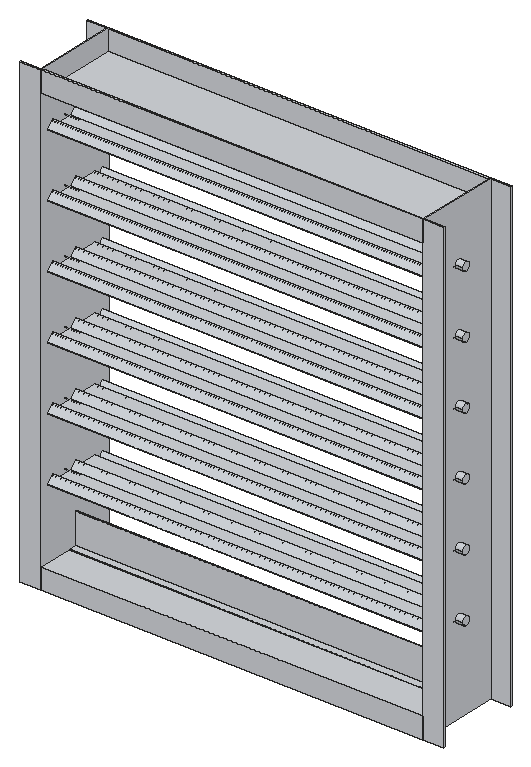
Revit family "H-620,621", category Mechanical Equipment, Revit 2015
Parameters
  URL = "http://unitedenertech.com/catalog/pdf/C_5,%206,%207,%208%20H-620.pdf"
  Type Comments = "Max. Single Section Size is (60\"w x 96\"h)"
  Model = "H-620, H-621"
  Manufacturer = "United Enertech Corporation"
  Keynote = "This model is only a representation of the product, blade position will vary from built dampers"
  Exact Width = 3' - 0"
  Exact Height = 3' - 4"
  Description = "Industrial 3V Blade Control Damper"
  Blade Spacing = 0' - 6"
  Blade Number [instance] = rounddown((Exact Height - 0' 1") / Blade Spacing)  # 6
  BW [instance] = Exact Width - 0' 0 3/16"  # 2' - 11 13/16"
Reference planes (in)
  plane 1 "Center (Front/Back)": y = 0
  plane 2: z = 0
  plane 3 "Center (Left/Right)": x = 0
  plane 4: x = -18
  plane 5: x = 18
  plane 6: x = -20
  plane 7: x = 20
  plane 8: z = 40
  plane 9: z = 42
  plane 10: z = -2
  plane 11: y = 8
  plane 12: z = 3.49636
  plane 13: z = 36.71925
Forms (in)
  Extrusion 1, solid
    sketch origin (0, 0, 0) x (0, 1, 0) y (0, 0, 1)
      loop
        line (8, -2) -> (8, 0) -> (0, 0) -> (0, -2) -> (0.1345, -2) -> (0.1345, -0.1345) -> (7.8655, -0.1345) -> (7.8655, -2) -> (8, -2)
    from -18 to 18
  Extrusion 2, solid
    sketch origin (0, 0, 0) x (0, 1, 0) y (0, 0, 1)
      loop
        line (8, 42) -> (7.8655, 42) -> (7.8655, 40.1345) -> (0.1345, 40.1345) -> (0.1345, 42) -> (0, 42) -> (0, 40) -> (8, 40) -> (8, 42)
    from -18 to 18
  Extrusion 3, solid
    sketch origin (0, 0, 0) x (1, 0, 0) y (0, 1, 0)
      loop
        line (-20, 0) -> (-18, 0) -> (-18, 8) -> (-20, 8) -> (-20, 7.8655) -> (-18.1345, 7.8655) -> (-18.1345, 0.1345) -> (-20, 0.1345) -> (-20, 0)
    from -2 to 42
  Extrusion 4, solid
    sketch origin (0, 0, 0) x (1, 0, 0) y (0, 1, 0)
      loop
        line (20, 8) -> (18, 8) -> (18, 0) -> (20, 0) -> (20, 0.1345) -> (18.1345, 0.1345) -> (18.1345, 7.8655) -> (20, 7.8655) -> (20, 8)
    from -2 to 42
  Extrusion 5, solid
    sketch origin (0, 0, 0) x (0, 1, 0) y (0, 0, 1)
      loop
        line (4, 40) -> (4, 39.5) -> (4.0478, 39.5) -> (4.0478, 39.9522) -> (4.75, 39.9522) -> (4.75, 40) -> (4, 40)
    from -18 to 18
  Extrusion 6, solid
    sketch origin (0, 0, 0) x (0, 1, 0) y (0, 0, 1)
      loop
        line (4, 0) -> (4, 3) -> (3.9522, 3) -> (3.9522, 0.0478) -> (3.25, 0.0478) -> (3.25, 0) -> (4, 0)
    from -18 to 18
Dimensions and locks (in)
  equal spacing: plane 4, plane 3 "Center (Left/Right)", plane 5
  "Exact Width": plane 4 to plane 5
  locked: plane 6 to plane 4 at 2
  locked: plane 5 to plane 7 at 2
  "Exact Height": plane 8 to level
  locked: level to plane 10 at 2
  locked: plane 9 to plane 8 at 2
  locked: plane 9 to plane 13 at 5.28075
  equal spacing: group 1, group 2, group 3, group 4, group 5, group 6  (x2)
  equal spacing: group 6, group 5, group 4, group 3, group 2, group 1
  "Blade Spacing": nested 1 to nested 2
  aligned and locked: level to plane 2
  aligned and locked: plane 4 to Extrusion 1
  aligned and locked: plane 5 to Extrusion 1
  aligned and locked: plane 4 to Extrusion 2
  aligned and locked: plane 5 to Extrusion 2
  aligned and locked: Extrusion 3 to plane 10
  aligned and locked: plane 9 to Extrusion 3
  aligned and locked: Extrusion 4 to plane 10
  aligned and locked: plane 9 to Extrusion 4
  aligned and locked: plane 4 to Extrusion 5
  aligned and locked: plane 5 to Extrusion 5
  aligned and locked: plane 3 "Center (Left/Right)" to nested 1
  aligned and locked: plane 13 to nested 1
  aligned and locked: plane 4 to Extrusion 6
  aligned and locked: plane 5 to Extrusion 6
Automatic sketch dimensions
  Extrusion 1 sketch curve to plane 1 "Center (Front/Back)" = 0' - 0"
  Extrusion 1 sketch curve to plane 10 = 0' - 0"  (x2)
  Extrusion 1 sketch curve to level = 0' - 0"
  Extrusion 1 sketch curve to plane 11 = 0' - 0"
  Extrusion 1 sketch curve to plane 1 "Center (Front/Back)" = 0' - 0.1345"
  Extrusion 1 sketch curve to plane 11 = 0' - 0.1345"
  Extrusion 1 sketch curve to level = 0' - 0.1345"
  Extrusion 2 sketch curve to plane 1 "Center (Front/Back)" = 0' - 0"
  Extrusion 2 sketch curve to plane 9 = 0' - 0"  (x2)
  Extrusion 2 sketch curve to plane 11 = 0' - 0"
  Extrusion 2 sketch curve to plane 8 = 0' - 0"
  Extrusion 2 sketch curve to plane 1 "Center (Front/Back)" = 0' - 0.1345"
  Extrusion 2 sketch curve to plane 11 = 0' - 0.1345"
  plane 8 to Extrusion 2 sketch curve = 0' - 0.1345"
  plane 1 "Center (Front/Back)" to Extrusion 3 sketch curve = 0' - 0"
  Extrusion 3 sketch curve to plane 6 = 0' - 0"  (x2)
  Extrusion 3 sketch curve to plane 4 = 0' - 0"
  Extrusion 3 sketch curve to plane 11 = 0' - 0"
  plane 4 to Extrusion 3 sketch curve = 0' - 0.1345"
  Extrusion 3 sketch curve to plane 1 "Center (Front/Back)" = 0' - 0.1345"
  Extrusion 3 sketch curve to plane 11 = 0' - 0.1345"
  Extrusion 4 sketch curve to plane 5 = 0' - 0"
  plane 1 "Center (Front/Back)" to Extrusion 4 sketch curve = 0' - 0"
  Extrusion 4 sketch curve to plane 7 = 0' - 0"  (x2)
  Extrusion 4 sketch curve to plane 11 = 0' - 0"
  plane 5 to Extrusion 4 sketch curve = 0' - 0.1345"
  Extrusion 4 sketch curve to plane 1 "Center (Front/Back)" = 0' - 0.1345"
  Extrusion 4 sketch curve to plane 11 = 0' - 0.1345"
  Extrusion 5 sketch curve to plane 8 = 0' - 0"
  Extrusion 5 sketch curve to plane 8 = 0' - 0 1/2"
  Extrusion 5 sketch curve to plane 1 "Center (Front/Back)" = 0' - 4"
  Extrusion 5 sketch curve to Extrusion 5 sketch curve = 0' - 0.0478"
  Extrusion 5 sketch curve to plane 8 = 0' - 0.0478"
  Extrusion 5 sketch curve to Extrusion 5 sketch curve = 0' - 0.7022"
  Extrusion 6 sketch curve to level = 0' - 0"
  level to Extrusion 6 sketch curve = 0' - 0.0478"
  Extrusion 6 sketch curve to plane 1 "Center (Front/Back)" = 0' - 3 1/4"
  Extrusion 6 sketch curve to plane 12 = 0' - 0.49636"
  Extrusion 6 sketch curve to Extrusion 6 sketch curve = 0' - 0 3/4"
  Extrusion 6 sketch curve to Extrusion 6 sketch curve = 0' - 0.0478"
Nested families (in)
  nested 1: "H620BLADE" at (0, 4.07813, 36.11813), type "H620BLADE"
    with Blade Width 2' - 11 13/16"
  nested 2: "H620BLADE" at (0, 4.07813, 30.11813), type "H620BLADE"
    with Blade Width 2' - 11 13/16"
  nested 3: "H620BLADE" at (0, 4.07813, 24.11813), type "H620BLADE"
    with Blade Width 2' - 11 13/16"
  nested 4: "H620BLADE" at (0, 4.07813, 18.11813), type "H620BLADE"
    with Blade Width 2' - 11 13/16"
  nested 5: "H620BLADE" at (0, 4.07813, 12.11813), type "H620BLADE"
    with Blade Width 2' - 11 13/16"
  nested 6: "H620BLADE" at (0, 4.07813, 6.11813), type "H620BLADE"
    with Blade Width 2' - 11 13/16"
Definition of nested family "H620BLADE"
  Parameters (values of type "H620BLADE")
    Blade Width = 2' - 0"
  Reference planes (in)
    plane 1 "Center (Front/Back)": y = 0
    plane 2: z = 0
    plane 3 "Center (Left/Right)": x = 0
    plane 4: x = -12
    plane 5: x = 12
    plane 6: x = 13
    plane 7: x = -13
    plane 8: x = -10
    plane 9: x = 10
  Forms (in)
    Extrusion 1, solid
      sketch origin (0, -0.08182, -0.31478) x (0, 1, 0) y (0, 0, 1)
        loop
          line (3.15859, 0.8765) -> (2.72336, 0.44128) -> (2.24875, 0.9159) -> (0.58974, 0.9159) -> (0.00369, 1.50194) -> (-0.58235, 0.9159) -> (-2.12993, 0.9159) -> (-2.71598, 1.50194) -> (-3.34141, 0.8765) -> (-3.24631, 0.7814) -> (-2.71598, 1.31173) -> (-2.18565, 0.7814) -> (-0.52664, 0.7814) -> (0.00369, 1.31173) -> (0.53402, 0.7814) -> (2.19303, 0.7814) -> (2.72336, 0.25107) -> (3.25369, 0.7814) -> (3.15859, 0.8765)
      from -12 to 12
    Extrusion 2, solid
      sketch origin (0, -0.08182, -0.31478) x (0, 1, 0) y (0, 0, 1)
        loop
          circle (0.00369, 0.7814) r 0.375
      from 10 to 13
    Extrusion 3, solid
      sketch origin (0, -0.08182, -0.31478) x (0, 1, 0) y (0, 0, 1)
        loop
          circle (0.00369, 0.7814) r 0.375
      from -13 to -10
  Dimensions and locks (in)
    equal spacing: plane 4, plane 3 "Center (Left/Right)", plane 5
    "Blade Width": plane 4 to plane 5
    locked: plane 9 to plane 5 at 2
    locked: plane 5 to plane 6 at 1
    locked: plane 4 to plane 8 at 2
    locked: plane 7 to plane 4 at 1
    aligned and locked: level to plane 2
    aligned and locked: plane 6 to Extrusion 2
    aligned and locked: plane 9 to Extrusion 2
    aligned and locked: Extrusion 3 to plane 7
    aligned and locked: Extrusion 3 to plane 8
    aligned and locked: plane 4 to Extrusion 1
    aligned and locked: plane 5 to Extrusion 1
  Automatic sketch dimensions
    level to Extrusion 1 sketch curve = 0' - 0.56172"  (x2)
    plane 1 "Center (Front/Back)" to Extrusion 1 sketch curve = 0' - 3.42323"
    level to Extrusion 1 sketch curve = 0' - 0.46662"  (x3)
    Extrusion 1 sketch curve to Extrusion 1 sketch curve = 0' - 0.09511"
    level to Extrusion 1 sketch curve = 0' - 0.99695"
    level to Extrusion 1 sketch curve = 0' - 1.18716"
    Extrusion 1 sketch curve to Extrusion 1 sketch curve = 0' - 0.05571"  (x4)
    plane 1 "Center (Front/Back)" to Extrusion 1 sketch curve = 0' - 0.66417"
    plane 1 "Center (Front/Back)" to Extrusion 1 sketch curve = 0' - 0 5/64"  (x2)
    Extrusion 1 sketch curve to plane 1 "Center (Front/Back)" = 0' - 0.4522"
    Extrusion 1 sketch curve to Extrusion 1 sketch curve = 0' - 1.6033"
    level to Extrusion 1 sketch curve = 0' - 0.60112"
    level to Extrusion 1 sketch curve = 0' - 0.1265"
    Extrusion 1 sketch curve to Extrusion 1 sketch curve = 0' - 0.53033"
    Extrusion 1 sketch curve to level = 0' - 0.06371"
    plane 1 "Center (Front/Back)" to Extrusion 2 sketch curve = 0' - 0 5/64"
    level to Extrusion 2 sketch curve = 0' - 0.46662"
    plane 1 "Center (Front/Back)" to Extrusion 3 sketch curve = 0' - 0 5/64"
    level to Extrusion 3 sketch curve = 0' - 0.46662"
    radius of Extrusion 2 sketch curve = 0' - 0 3/8"
    radius of Extrusion 3 sketch curve = 0' - 0 3/8"
